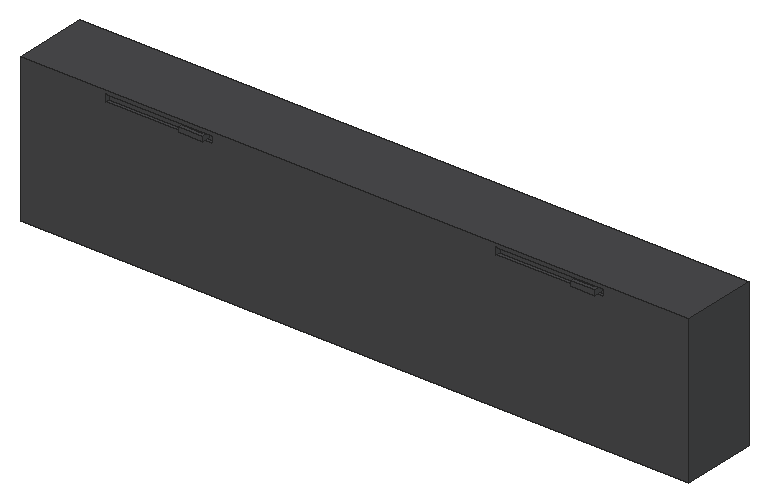
Revit family "DOT BLOCK CEILLING 328_DTSM15W3.1.24", category Luminarias, Revit 2019
Family settings
  Cota de conector redondo = Diámetro de uso
  Tipo de pieza = Normal
  Se basa en plano de trabajo = Sí
  Siempre vertical = Sí
  Corte con vacíos al cargar = No
  Origen de luz = Sí
  Compartido = No
  Punto de cálculo de habitación = No
Parameters (values of type "DOT BLOCK SURFACE 328_DM15W3.3.24")
  Ángulo de inclinación = 60.00°
  Zone [instance] = ""
  Watt per fixture = 15
  Wattage = 15 W
  built-in parameter 1150107 = 3000 (stored number, unit not read)
  built-in parameter 1150110 = 1 (stored number, unit not read)
  built-in parameter 1150109 = 1 (stored number, unit not read)
  built-in parameter 1150112 = 1 (stored number, unit not read)
  built-in parameter 1150113 = 1 (stored number, unit not read)
  built-in parameter 1114218 = 1 (stored number, unit not read)
  Keynote = ""
  built-in parameter 1150137 = (empty or 0)
  built-in parameter 1150132 = (empty or 0)
  Modelo = "DM15W3.3.24"
  Lámpara = "3030SMD PHILIPS"
  built-in parameter 1150105 = 6294.1 (stored number, unit not read)
  built-in parameter 1150102 = (empty or 0)
  built-in parameter 1150106 = 62.941 (stored number, unit not read)
  Lumens = 1290 lm
  Color Filter = 16777215
  built-in parameter 1114217 = 1 (stored number, unit not read)
  built-in parameter 1150139 = (empty or 0)
  Fabricante = "BRILLANT"
  Default Elevation = 1219.2 mm
  built-in parameter 1150104 = 7.9897 (stored number, unit not read)
  Descripción = "LUMINARIA DOWNLIGHT EN FORMATO RECTANGULAR PARA EMPOTRAR DIRECTO EN PLAFON, CUERPO DE ALUMINIO ACABADO EN COLOR NEGRO, IP 20, PESO 0.84Kg, TIPO DE LED 3030SMD PHILIPS CON 15W TOTAL, 1300 LUMENES, 86LM/W, IRC 90, TEMPERATURA EN BLANCO CALIDO 3000K, 50 MIL HORAS DE VIDA PROMEDIO, APERTURA DE 24 GRADOS POR STOCK, ALIMENTADO A 90-240V"
  built-in parameter 1150115 = 1 (stored number, unit not read)
  built-in parameter 1150114 = 1 (stored number, unit not read)
  Comentarios de vataje = "90-240V"
  built-in parameter 1150138 = (empty or 0)
  built-in parameter 1150134 = (empty or 0)
  Circuit [instance] = ""
  Dimming Lamp Color Temperature Shift = (empty or 0)
  Archivo de red fotométrica = "L328A-15W-830-B-24_IESNA95.IES"
  built-in parameter 1150133 = 10 (stored number, unit not read)
Reference planes
  plane 1 "Centro (Frontal/Posterior)": y = 0
  plane 2: z = 0
  plane 3 "Centro (Izquierda/Derecha)": x = 0
Forms (mm)
  Extrusion 1, solid, material "Default Form", not visible
    sketch origin (0, 0, 0) x (1, 0, 0) y (0, 0, 1)
      loop
        line (-473, 0) -> (-473, -72) -> (473, -72) -> (473, 0) -> (-473, 0)
    from -18.326 to 18.326
  Blend 2, void, not visible
    base sketch origin (-293.63, 0, 0) x (1, 0, 0) y (0, 1, 0)
      loop
        line (-162, 16.149) -> (-162, -16.149) -> (-144.14, -16.149) -> (-144.14, 16.149) -> (-162, 16.149)
    top sketch origin (-293.63, 0, 0) x (1, 0, 0) y (0, 1, 0)
      loop
        line (-160, 12.149) -> (-160, -12.149) -> (-146.14, -12.149) -> (-146.14, 12.149) -> (-160, 12.149)
    from -72 to -61.591
  Blend 3, void, not visible
    base sketch origin (-267.33, 0, 0) x (1, 0, 0) y (0, 1, 0)
      loop
        line (-162, 16.149) -> (-162, -16.149) -> (-144.14, -16.149) -> (-144.14, 16.149) -> (-162, 16.149)
    top sketch origin (-267.33, 0, 0) x (1, 0, 0) y (0, 1, 0)
      loop
        line (-160, 12.149) -> (-160, -12.149) -> (-146.14, -12.149) -> (-146.14, 12.149) -> (-160, 12.149)
    from -72 to -61.591
  Blend 4, void, not visible
    base sketch origin (-241.03, 0, 0) x (1, 0, 0) y (0, 1, 0)
      loop
        line (-162, 16.149) -> (-162, -16.149) -> (-144.14, -16.149) -> (-144.14, 16.149) -> (-162, 16.149)
    top sketch origin (-241.03, 0, 0) x (1, 0, 0) y (0, 1, 0)
      loop
        line (-160, 12.149) -> (-160, -12.149) -> (-146.14, -12.149) -> (-146.14, 12.149) -> (-160, 12.149)
    from -72 to -61.591
  Blend 5, void, not visible
    base sketch origin (-214.73, 0, 0) x (1, 0, 0) y (0, 1, 0)
      loop
        line (-162, 16.149) -> (-162, -16.149) -> (-144.14, -16.149) -> (-144.14, 16.149) -> (-162, 16.149)
    top sketch origin (-214.73, 0, 0) x (1, 0, 0) y (0, 1, 0)
      loop
        line (-160, 12.149) -> (-160, -12.149) -> (-146.14, -12.149) -> (-146.14, 12.149) -> (-160, 12.149)
    from -72 to -61.591
  Blend 6, void, not visible
    base sketch origin (-188.43, 0, 0) x (1, 0, 0) y (0, 1, 0)
      loop
        line (-162, 16.149) -> (-162, -16.149) -> (-144.14, -16.149) -> (-144.14, 16.149) -> (-162, 16.149)
    top sketch origin (-188.43, 0, 0) x (1, 0, 0) y (0, 1, 0)
      loop
        line (-160, 12.149) -> (-160, -12.149) -> (-146.14, -12.149) -> (-146.14, 12.149) -> (-160, 12.149)
    from -72 to -61.591
  Blend 7, void, not visible
    base sketch origin (-162.13, 0, 0) x (1, 0, 0) y (0, 1, 0)
      loop
        line (-162, 16.149) -> (-162, -16.149) -> (-144.14, -16.149) -> (-144.14, 16.149) -> (-162, 16.149)
    top sketch origin (-162.13, 0, 0) x (1, 0, 0) y (0, 1, 0)
      loop
        line (-160, 12.149) -> (-160, -12.149) -> (-146.14, -12.149) -> (-146.14, 12.149) -> (-160, 12.149)
    from -72 to -61.591
  Blend 8, void, not visible
    base sketch origin (-135.83, 0, 0) x (1, 0, 0) y (0, 1, 0)
      loop
        line (-162, 16.149) -> (-162, -16.149) -> (-144.14, -16.149) -> (-144.14, 16.149) -> (-162, 16.149)
    top sketch origin (-135.83, 0, 0) x (1, 0, 0) y (0, 1, 0)
      loop
        line (-160, 12.149) -> (-160, -12.149) -> (-146.14, -12.149) -> (-146.14, 12.149) -> (-160, 12.149)
    from -72 to -61.591
  Blend 9, void, not visible
    base sketch origin (-109.53, 0, 0) x (1, 0, 0) y (0, 1, 0)
      loop
        line (-162, 16.149) -> (-162, -16.149) -> (-144.14, -16.149) -> (-144.14, 16.149) -> (-162, 16.149)
    top sketch origin (-109.53, 0, 0) x (1, 0, 0) y (0, 1, 0)
      loop
        line (-160, 12.149) -> (-160, -12.149) -> (-146.14, -12.149) -> (-146.14, 12.149) -> (-160, 12.149)
    from -72 to -61.591
  Blend 10, void, not visible
    base sketch origin (-83.23, 0, 0) x (1, 0, 0) y (0, 1, 0)
      loop
        line (-162, 16.149) -> (-162, -16.149) -> (-144.14, -16.149) -> (-144.14, 16.149) -> (-162, 16.149)
    top sketch origin (-83.23, 0, 0) x (1, 0, 0) y (0, 1, 0)
      loop
        line (-160, 12.149) -> (-160, -12.149) -> (-146.14, -12.149) -> (-146.14, 12.149) -> (-160, 12.149)
    from -72 to -61.591
  Blend 11, void, not visible
    base sketch origin (-56.93, 0, 0) x (1, 0, 0) y (0, 1, 0)
      loop
        line (-162, 16.149) -> (-162, -16.149) -> (-144.14, -16.149) -> (-144.14, 16.149) -> (-162, 16.149)
    top sketch origin (-56.93, 0, 0) x (1, 0, 0) y (0, 1, 0)
      loop
        line (-160, 12.149) -> (-160, -12.149) -> (-146.14, -12.149) -> (-146.14, 12.149) -> (-160, 12.149)
    from -72 to -61.591
  Blend 12, void, not visible
    base sketch origin (-30.63, 0, 0) x (1, 0, 0) y (0, 1, 0)
      loop
        line (-162, 16.149) -> (-162, -16.149) -> (-144.14, -16.149) -> (-144.14, 16.149) -> (-162, 16.149)
    top sketch origin (-30.63, 0, 0) x (1, 0, 0) y (0, 1, 0)
      loop
        line (-160, 12.149) -> (-160, -12.149) -> (-146.14, -12.149) -> (-146.14, 12.149) -> (-160, 12.149)
    from -72 to -61.591
  Blend 13, void, not visible
    base sketch origin (-4.33, 0, 0) x (1, 0, 0) y (0, 1, 0)
      loop
        line (-162, 16.149) -> (-162, -16.149) -> (-144.14, -16.149) -> (-144.14, 16.149) -> (-162, 16.149)
    top sketch origin (-4.33, 0, 0) x (1, 0, 0) y (0, 1, 0)
      loop
        line (-160, 12.149) -> (-160, -12.149) -> (-146.14, -12.149) -> (-146.14, 12.149) -> (-160, 12.149)
    from -72 to -61.591
  Blend 14, void, not visible
    base sketch origin (21.97, 0, 0) x (1, 0, 0) y (0, 1, 0)
      loop
        line (-162, 16.149) -> (-162, -16.149) -> (-144.14, -16.149) -> (-144.14, 16.149) -> (-162, 16.149)
    top sketch origin (21.97, 0, 0) x (1, 0, 0) y (0, 1, 0)
      loop
        line (-160, 12.149) -> (-160, -12.149) -> (-146.14, -12.149) -> (-146.14, 12.149) -> (-160, 12.149)
    from -72 to -61.591
  Blend 15, void, not visible
    base sketch origin (48.27, 0, 0) x (1, 0, 0) y (0, 1, 0)
      loop
        line (-162, 16.149) -> (-162, -16.149) -> (-144.14, -16.149) -> (-144.14, 16.149) -> (-162, 16.149)
    top sketch origin (48.27, 0, 0) x (1, 0, 0) y (0, 1, 0)
      loop
        line (-160, 12.149) -> (-160, -12.149) -> (-146.14, -12.149) -> (-146.14, 12.149) -> (-160, 12.149)
    from -72 to -61.591
  Blend 16, void, not visible
    base sketch origin (74.57, 0, 0) x (1, 0, 0) y (0, 1, 0)
      loop
        line (-162, 16.149) -> (-162, -16.149) -> (-144.14, -16.149) -> (-144.14, 16.149) -> (-162, 16.149)
    top sketch origin (74.57, 0, 0) x (1, 0, 0) y (0, 1, 0)
      loop
        line (-160, 12.149) -> (-160, -12.149) -> (-146.14, -12.149) -> (-146.14, 12.149) -> (-160, 12.149)
    from -72 to -61.591
  Blend 17, void, not visible
    base sketch origin (100.87, 0, 0) x (1, 0, 0) y (0, 1, 0)
      loop
        line (-162, 16.149) -> (-162, -16.149) -> (-144.14, -16.149) -> (-144.14, 16.149) -> (-162, 16.149)
    top sketch origin (100.87, 0, 0) x (1, 0, 0) y (0, 1, 0)
      loop
        line (-160, 12.149) -> (-160, -12.149) -> (-146.14, -12.149) -> (-146.14, 12.149) -> (-160, 12.149)
    from -72 to -61.591
  Blend 18, void, not visible
    base sketch origin (127.17, 0, 0) x (1, 0, 0) y (0, 1, 0)
      loop
        line (-162, 16.149) -> (-162, -16.149) -> (-144.14, -16.149) -> (-144.14, 16.149) -> (-162, 16.149)
    top sketch origin (127.17, 0, 0) x (1, 0, 0) y (0, 1, 0)
      loop
        line (-160, 12.149) -> (-160, -12.149) -> (-146.14, -12.149) -> (-146.14, 12.149) -> (-160, 12.149)
    from -72 to -61.591
  Blend 19, void, not visible
    base sketch origin (153.47, 0, 0) x (1, 0, 0) y (0, 1, 0)
      loop
        line (-162, 16.149) -> (-162, -16.149) -> (-144.14, -16.149) -> (-144.14, 16.149) -> (-162, 16.149)
    top sketch origin (153.47, 0, 0) x (1, 0, 0) y (0, 1, 0)
      loop
        line (-160, 12.149) -> (-160, -12.149) -> (-146.14, -12.149) -> (-146.14, 12.149) -> (-160, 12.149)
    from -72 to -61.591
  Blend 20, void, not visible
    base sketch origin (179.77, 0, 0) x (1, 0, 0) y (0, 1, 0)
      loop
        line (-162, 16.149) -> (-162, -16.149) -> (-144.14, -16.149) -> (-144.14, 16.149) -> (-162, 16.149)
    top sketch origin (179.77, 0, 0) x (1, 0, 0) y (0, 1, 0)
      loop
        line (-160, 12.149) -> (-160, -12.149) -> (-146.14, -12.149) -> (-146.14, 12.149) -> (-160, 12.149)
    from -72 to -61.591
  Blend 21, void, not visible
    base sketch origin (206.07, 0, 0) x (1, 0, 0) y (0, 1, 0)
      loop
        line (-162, 16.149) -> (-162, -16.149) -> (-144.14, -16.149) -> (-144.14, 16.149) -> (-162, 16.149)
    top sketch origin (206.07, 0, 0) x (1, 0, 0) y (0, 1, 0)
      loop
        line (-160, 12.149) -> (-160, -12.149) -> (-146.14, -12.149) -> (-146.14, 12.149) -> (-160, 12.149)
    from -72 to -61.591
  Blend 22, void, not visible
    base sketch origin (232.37, 0, 0) x (1, 0, 0) y (0, 1, 0)
      loop
        line (-162, 16.149) -> (-162, -16.149) -> (-144.14, -16.149) -> (-144.14, 16.149) -> (-162, 16.149)
    top sketch origin (232.37, 0, 0) x (1, 0, 0) y (0, 1, 0)
      loop
        line (-160, 12.149) -> (-160, -12.149) -> (-146.14, -12.149) -> (-146.14, 12.149) -> (-160, 12.149)
    from -72 to -61.591
  Blend 23, void, not visible
    base sketch origin (258.67, 0, 0) x (1, 0, 0) y (0, 1, 0)
      loop
        line (-162, 16.149) -> (-162, -16.149) -> (-144.14, -16.149) -> (-144.14, 16.149) -> (-162, 16.149)
    top sketch origin (258.67, 0, 0) x (1, 0, 0) y (0, 1, 0)
      loop
        line (-160, 12.149) -> (-160, -12.149) -> (-146.14, -12.149) -> (-146.14, 12.149) -> (-160, 12.149)
    from -72 to -61.591
  Blend 24, void, not visible
    base sketch origin (284.97, 0, 0) x (1, 0, 0) y (0, 1, 0)
      loop
        line (-162, 16.149) -> (-162, -16.149) -> (-144.14, -16.149) -> (-144.14, 16.149) -> (-162, 16.149)
    top sketch origin (284.97, 0, 0) x (1, 0, 0) y (0, 1, 0)
      loop
        line (-160, 12.149) -> (-160, -12.149) -> (-146.14, -12.149) -> (-146.14, 12.149) -> (-160, 12.149)
    from -72 to -61.591
  Blend 25, void, not visible
    base sketch origin (311.27, 0, 0) x (1, 0, 0) y (0, 1, 0)
      loop
        line (-162, 16.149) -> (-162, -16.149) -> (-144.14, -16.149) -> (-144.14, 16.149) -> (-162, 16.149)
    top sketch origin (311.27, 0, 0) x (1, 0, 0) y (0, 1, 0)
      loop
        line (-160, 12.149) -> (-160, -12.149) -> (-146.14, -12.149) -> (-146.14, 12.149) -> (-160, 12.149)
    from -72 to -61.591
  Blend 26, void, not visible
    base sketch origin (337.57, 0, 0) x (1, 0, 0) y (0, 1, 0)
      loop
        line (-162, 16.149) -> (-162, -16.149) -> (-144.14, -16.149) -> (-144.14, 16.149) -> (-162, 16.149)
    top sketch origin (337.57, 0, 0) x (1, 0, 0) y (0, 1, 0)
      loop
        line (-160, 12.149) -> (-160, -12.149) -> (-146.14, -12.149) -> (-146.14, 12.149) -> (-160, 12.149)
    from -72 to -61.591
  Blend 27, void, not visible
    base sketch origin (363.87, 0, 0) x (1, 0, 0) y (0, 1, 0)
      loop
        line (-162, 16.149) -> (-162, -16.149) -> (-144.14, -16.149) -> (-144.14, 16.149) -> (-162, 16.149)
    top sketch origin (363.87, 0, 0) x (1, 0, 0) y (0, 1, 0)
      loop
        line (-160, 12.149) -> (-160, -12.149) -> (-146.14, -12.149) -> (-146.14, 12.149) -> (-160, 12.149)
    from -72 to -61.591
  Blend 28, void, not visible
    base sketch origin (390.17, 0, 0) x (1, 0, 0) y (0, 1, 0)
      loop
        line (-162, 16.149) -> (-162, -16.149) -> (-144.14, -16.149) -> (-144.14, 16.149) -> (-162, 16.149)
    top sketch origin (390.17, 0, 0) x (1, 0, 0) y (0, 1, 0)
      loop
        line (-160, 12.149) -> (-160, -12.149) -> (-146.14, -12.149) -> (-146.14, 12.149) -> (-160, 12.149)
    from -72 to -61.591
  Blend 29, void, not visible
    base sketch origin (416.47, 0, 0) x (1, 0, 0) y (0, 1, 0)
      loop
        line (-162, 16.149) -> (-162, -16.149) -> (-144.14, -16.149) -> (-144.14, 16.149) -> (-162, 16.149)
    top sketch origin (416.47, 0, 0) x (1, 0, 0) y (0, 1, 0)
      loop
        line (-160, 12.149) -> (-160, -12.149) -> (-146.14, -12.149) -> (-146.14, 12.149) -> (-160, 12.149)
    from -72 to -61.591
  Blend 30, void, not visible
    base sketch origin (442.77, 0, 0) x (1, 0, 0) y (0, 1, 0)
      loop
        line (-162, 16.149) -> (-162, -16.149) -> (-144.14, -16.149) -> (-144.14, 16.149) -> (-162, 16.149)
    top sketch origin (442.77, 0, 0) x (1, 0, 0) y (0, 1, 0)
      loop
        line (-160, 12.149) -> (-160, -12.149) -> (-146.14, -12.149) -> (-146.14, 12.149) -> (-160, 12.149)
    from -72 to -61.591
  Blend 31, void, not visible
    base sketch origin (469.07, 0, 0) x (1, 0, 0) y (0, 1, 0)
      loop
        line (-162, 16.149) -> (-162, -16.149) -> (-144.14, -16.149) -> (-144.14, 16.149) -> (-162, 16.149)
    top sketch origin (469.07, 0, 0) x (1, 0, 0) y (0, 1, 0)
      loop
        line (-160, 12.149) -> (-160, -12.149) -> (-146.14, -12.149) -> (-146.14, 12.149) -> (-160, 12.149)
    from -72 to -61.591
  Blend 32, void, not visible
    base sketch origin (495.37, 0, 0) x (1, 0, 0) y (0, 1, 0)
      loop
        line (-162, 16.149) -> (-162, -16.149) -> (-144.14, -16.149) -> (-144.14, 16.149) -> (-162, 16.149)
    top sketch origin (495.37, 0, 0) x (1, 0, 0) y (0, 1, 0)
      loop
        line (-160, 12.149) -> (-160, -12.149) -> (-146.14, -12.149) -> (-146.14, 12.149) -> (-160, 12.149)
    from -72 to -61.591
  Blend 33, void, not visible
    base sketch origin (521.67, 0, 0) x (1, 0, 0) y (0, 1, 0)
      loop
        line (-162, 16.149) -> (-162, -16.149) -> (-144.14, -16.149) -> (-144.14, 16.149) -> (-162, 16.149)
    top sketch origin (521.67, 0, 0) x (1, 0, 0) y (0, 1, 0)
      loop
        line (-160, 12.149) -> (-160, -12.149) -> (-146.14, -12.149) -> (-146.14, 12.149) -> (-160, 12.149)
    from -72 to -61.591
  Blend 34, void, not visible
    base sketch origin (547.97, 0, 0) x (1, 0, 0) y (0, 1, 0)
      loop
        line (-162, 16.149) -> (-162, -16.149) -> (-144.14, -16.149) -> (-144.14, 16.149) -> (-162, 16.149)
    top sketch origin (547.97, 0, 0) x (1, 0, 0) y (0, 1, 0)
      loop
        line (-160, 12.149) -> (-160, -12.149) -> (-146.14, -12.149) -> (-146.14, 12.149) -> (-160, 12.149)
    from -72 to -61.591
  Blend 35, void, not visible
    base sketch origin (574.27, 0, 0) x (1, 0, 0) y (0, 1, 0)
      loop
        line (-162, 16.149) -> (-162, -16.149) -> (-144.14, -16.149) -> (-144.14, 16.149) -> (-162, 16.149)
    top sketch origin (574.27, 0, 0) x (1, 0, 0) y (0, 1, 0)
      loop
        line (-160, 12.149) -> (-160, -12.149) -> (-146.14, -12.149) -> (-146.14, 12.149) -> (-160, 12.149)
    from -72 to -61.591
  Blend 36, void, not visible
    base sketch origin (600.57, 0, 0) x (1, 0, 0) y (0, 1, 0)
      loop
        line (-162, 16.149) -> (-162, -16.149) -> (-144.14, -16.149) -> (-144.14, 16.149) -> (-162, 16.149)
    top sketch origin (600.57, 0, 0) x (1, 0, 0) y (0, 1, 0)
      loop
        line (-160, 12.149) -> (-160, -12.149) -> (-146.14, -12.149) -> (-146.14, 12.149) -> (-160, 12.149)
    from -72 to -61.591
  Extrusion 37, solid, not visible
    sketch origin (-463.861, 0, 3.217) x (0, -1, 0) y (0, 0, -1)
      loop
        line (18.326, 3.217) -> (-18.326, 3.217) -> (-18.326, 73.917) -> (-32.183, 73.917) -> (-32.183, 72.617) -> (-19.626, 72.617) -> (-19.626, 1.917) -> (19.626, 1.917) -> (19.626, 72.617) -> (32.183, 72.617) -> (32.183, 73.917) -> (18.326, 73.917) -> (18.326, 3.217)
    from 89.098 to 128.24
  Extrusion 38, solid, not visible
    sketch origin (-246.523, 0, 3.217) x (0, -1, 0) y (0, 0, 1)
      loop
        line (-19.626, -1.917) -> (19.626, -1.917) -> (19.626, -63.89) -> (20.426, -63.89) -> (20.426, -1.117) -> (-20.426, -1.117) -> (-20.426, -63.89) -> (-19.626, -63.89) -> (-19.626, -1.917)
    from 122.954 to 124.098
  Extrusion 39, solid, not visible
    sketch origin (-463.861, 0, 3.217) x (0, -1, 0) y (0, 0, -1)
      loop
        line (-19.626, 1.917) -> (-19.626, 63.89) -> (-20.426, 63.89) -> (-20.426, 1.117) -> (20.426, 1.117) -> (20.426, 63.89) -> (19.626, 63.89) -> (19.626, 1.917) -> (-19.626, 1.917)
    from 122.954 to 124.098
  Extrusion 40, void, not visible
    sketch origin (0, 0, 0) x (1, 0, 0) y (0, 1, 0)
      loop
        circle (-363.799, -25.904) r 2.055
      loop
        circle (-346.585, -25.904) r 2.055
      loop
        circle (-363.799, 25.904) r 2.055
      loop
        circle (-346.585, 25.904) r 2.055
    from -70.7 to -69.4
  Blend 41, void
    base sketch origin (74.57, 130.851, 72) x (1, 0, 0) y (0, 1, 0)
      loop
        line (-162, -147) -> (-144.14, -147) -> (-144.14, -114.702) -> (-162, -114.702) -> (-162, -147)
    top sketch origin (74.57, 130.851, 72) x (1, 0, 0) y (0, 1, 0)
      loop
        line (-160, -143) -> (-146.14, -143) -> (-146.14, -118.702) -> (-160, -118.702) -> (-160, -143)
    from -72 to -61.591
  Blend 42, void
    base sketch origin (100.87, 130.851, 72) x (1, 0, 0) y (0, 1, 0)
      loop
        line (-162, -147) -> (-144.14, -147) -> (-144.14, -114.702) -> (-162, -114.702) -> (-162, -147)
    top sketch origin (100.87, 130.851, 72) x (1, 0, 0) y (0, 1, 0)
      loop
        line (-160, -143) -> (-146.14, -143) -> (-146.14, -118.702) -> (-160, -118.702) -> (-160, -143)
    from -72 to -61.591
  Blend 43, void
    base sketch origin (127.17, 130.851, 72) x (1, 0, 0) y (0, 1, 0)
      loop
        line (-162, -147) -> (-144.14, -147) -> (-144.14, -114.702) -> (-162, -114.702) -> (-162, -147)
    top sketch origin (127.17, 130.851, 72) x (1, 0, 0) y (0, 1, 0)
      loop
        line (-160, -143) -> (-146.14, -143) -> (-146.14, -118.702) -> (-160, -118.702) -> (-160, -143)
    from -72 to -61.591
  Blend 44, void
    base sketch origin (153.47, 130.851, 72) x (1, 0, 0) y (0, 1, 0)
      loop
        line (-162, -147) -> (-144.14, -147) -> (-144.14, -114.702) -> (-162, -114.702) -> (-162, -147)
    top sketch origin (153.47, 130.851, 72) x (1, 0, 0) y (0, 1, 0)
      loop
        line (-160, -143) -> (-146.14, -143) -> (-146.14, -118.702) -> (-160, -118.702) -> (-160, -143)
    from -72 to -61.591
  Blend 45, void
    base sketch origin (179.77, 130.851, 72) x (1, 0, 0) y (0, 1, 0)
      loop
        line (-162, -147) -> (-144.14, -147) -> (-144.14, -114.702) -> (-162, -114.702) -> (-162, -147)
    top sketch origin (179.77, 130.851, 72) x (1, 0, 0) y (0, 1, 0)
      loop
        line (-160, -143) -> (-146.14, -143) -> (-146.14, -118.702) -> (-160, -118.702) -> (-160, -143)
    from -72 to -61.591
  Blend 46, void
    base sketch origin (206.07, 130.851, 72) x (1, 0, 0) y (0, 1, 0)
      loop
        line (-162, -147) -> (-144.14, -147) -> (-144.14, -114.702) -> (-162, -114.702) -> (-162, -147)
    top sketch origin (206.07, 130.851, 72) x (1, 0, 0) y (0, 1, 0)
      loop
        line (-160, -143) -> (-146.14, -143) -> (-146.14, -118.702) -> (-160, -118.702) -> (-160, -143)
    from -72 to -61.591
  Blend 47, void
    base sketch origin (232.37, 130.851, 72) x (1, 0, 0) y (0, 1, 0)
      loop
        line (-162, -147) -> (-144.14, -147) -> (-144.14, -114.702) -> (-162, -114.702) -> (-162, -147)
    top sketch origin (232.37, 130.851, 72) x (1, 0, 0) y (0, 1, 0)
      loop
        line (-160, -143) -> (-146.14, -143) -> (-146.14, -118.702) -> (-160, -118.702) -> (-160, -143)
    from -72 to -61.591
  Extrusion 48, solid, material "Default Form"
    sketch origin (0, 0, 72) x (1, 0, 0) y (0, 0, -1)
      loop
        line (-164, 0) -> (164, 0) -> (164, 72) -> (-164, 72) -> (-164, 0)
    from -18.326 to 18.326
  Blend 49, void
    base sketch origin (258.67, 130.851, 72) x (1, 0, 0) y (0, 1, 0)
      loop
        line (-162, -147) -> (-144.14, -147) -> (-144.14, -114.702) -> (-162, -114.702) -> (-162, -147)
    top sketch origin (258.67, 130.851, 72) x (1, 0, 0) y (0, 1, 0)
      loop
        line (-160, -143) -> (-146.14, -143) -> (-146.14, -118.702) -> (-160, -118.702) -> (-160, -143)
    from -72 to -61.591
  Blend 50, void
    base sketch origin (284.97, 130.851, 72) x (1, 0, 0) y (0, 1, 0)
      loop
        line (-162, -147) -> (-144.14, -147) -> (-144.14, -114.702) -> (-162, -114.702) -> (-162, -147)
    top sketch origin (284.97, 130.851, 72) x (1, 0, 0) y (0, 1, 0)
      loop
        line (-160, -143) -> (-146.14, -143) -> (-146.14, -118.702) -> (-160, -118.702) -> (-160, -143)
    from -72 to -61.591
  Blend 51, void
    base sketch origin (21.97, 130.851, 72) x (1, 0, 0) y (0, 1, 0)
      loop
        line (-162, -147) -> (-144.14, -147) -> (-144.14, -114.702) -> (-162, -114.702) -> (-162, -147)
    top sketch origin (21.97, 130.851, 72) x (1, 0, 0) y (0, 1, 0)
      loop
        line (-160, -143) -> (-146.14, -143) -> (-146.14, -118.702) -> (-160, -118.702) -> (-160, -143)
    from -72 to -61.591
  Blend 52, void
    base sketch origin (48.27, 130.851, 72) x (1, 0, 0) y (0, 1, 0)
      loop
        line (-162, -147) -> (-144.14, -147) -> (-144.14, -114.702) -> (-162, -114.702) -> (-162, -147)
    top sketch origin (48.27, 130.851, 72) x (1, 0, 0) y (0, 1, 0)
      loop
        line (-160, -143) -> (-146.14, -143) -> (-146.14, -118.702) -> (-160, -118.702) -> (-160, -143)
    from -72 to -61.591
  Extrusion 53, void
    sketch origin (0, 0, 0) x (1, 0, 0) y (0, 1, 0)
      loop
        line (-122.17, -18.326) -> (-69.57, -18.326) -> (-69.57, -16.149) -> (-122.17, -16.149) -> (-122.17, -18.326)
      loop
        line (122.17, -18.326) -> (122.17, -16.149) -> (69.57, -16.149) -> (69.57, -18.326) -> (122.17, -18.326)
      loop
        line (-122.17, 18.326) -> (-122.17, 16.149) -> (-69.57, 16.149) -> (-69.57, 18.326) -> (-122.17, 18.326)
      loop
        line (122.17, 18.326) -> (69.57, 18.326) -> (69.57, 16.149) -> (122.17, 16.149) -> (122.17, 18.326)
    from 66.852 to 70.535
  Extrusion 54, solid, material "Default Form"
    sketch origin (0, 0, 0) x (1, 0, 0) y (0, 1, 0)
      loop
        line (-73.041, -16.149) -> (-74.374, -16.149) -> (-74.374, -18.326) -> (-84.875, -18.326) -> (-84.875, -20.238) -> (-73.041, -20.238) -> (-73.041, -16.149)
      loop
        line (119.435, -16.149) -> (118.101, -16.149) -> (118.101, -18.326) -> (107.601, -18.326) -> (107.601, -20.238) -> (119.435, -20.238) -> (119.435, -16.149)
      loop
        line (-73.041, 16.149) -> (-73.041, 20.238) -> (-84.875, 20.238) -> (-84.875, 18.326) -> (-74.374, 18.326) -> (-74.374, 16.149) -> (-73.041, 16.149)
      loop
        line (119.435, 16.149) -> (119.435, 20.238) -> (107.601, 20.238) -> (107.601, 18.326) -> (118.101, 18.326) -> (118.101, 16.149) -> (119.435, 16.149)
    from 67.466 to 69.773
Cuts and joins
  Blend 41, Blend 42, Blend 43, Blend 44, Blend 45, Blend 46, Blend 47, Blend 49, Blend 50, Blend 51, Blend 52, Extrusion 53 cuts Extrusion 48
Dimensions and locks
  cut or joined group 1 (Blend 41, Blend 42, Blend 43, Blend 44, Blend 45, Blend 46, Blend 47, Extrusion 48, Blend 49, Blend 50, Blend 51, Blend 52, Extrusion 53) to cut or joined group 1 = 72 mm  (x2)
  cut or joined group 1 to cut or joined group 1 = 36.651 mm
  cut or joined group 1 to cut or joined group 1 = 328 mm
  aligned and locked: level to plane 2
Connectors
  electrical at (0, 0, 72)
    settings: on cut or joined group 1, index 1, voltage 0 V, apparent load 0 VA, apparent load phase1 0 VA, apparent load phase2 0 VA, apparent load phase3 0 VA, power factor 1, load classification "Otro", number of poles 1, system type 31, power factor state 1, is connector primary yes, connector utility no, sub classification motor no, connector description ""
